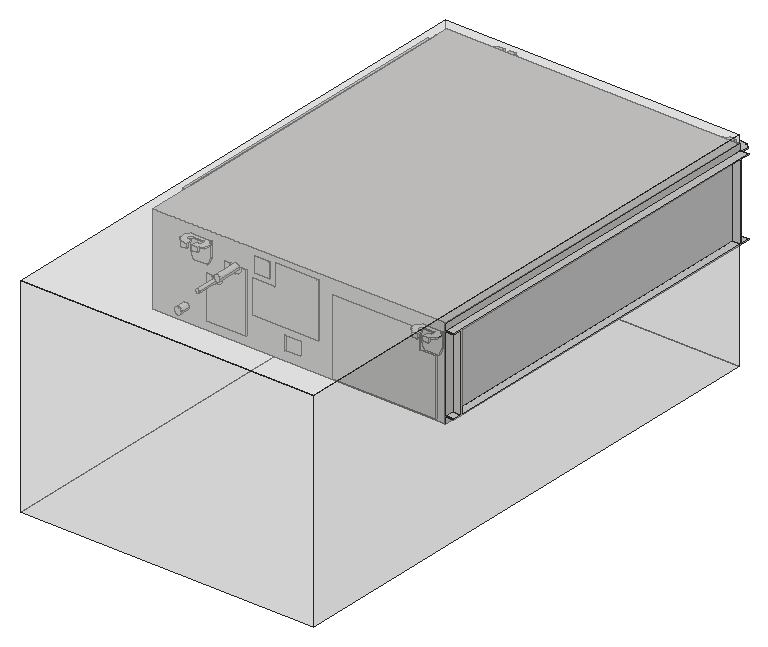
Revit family "outputfile", category 機械設備, Revit 2024
Family settings
  丸型コネクタ寸法 = 半径を使用
  パーツ タイプ = 標準
  OmniClass 番号 = 23.75.10.24.21.27.27
  OmniClass タイトル = Split System Air Conditioning Units
  作業面ベース = いいえ
  常に垂直 = はい
  ロード時にボイドで切り取り = いいえ
  注釈の向きを維持 = いいえ
  共有 = いいえ
  部屋計算ポイント = はい
Parameters (values of type "FBFC85DVM4")
  Description = ""
  製造元 = "Daikin"
  書き出し IFC クラス(タイプ) = "IfcUnitaryEquipmentType"
  定義済み IFC タイプ(タイプ) = "AIRCONDITIONINGUNIT"
  Cost = 0
  モデル = "FBFC85DVM4"
  Type Comments = ""
  Keynote = ""
  Type Image = (empty or 0)
  Assembly Code = ""
  switch_frequency = yes
  r_Liquid Pipe Size = Liquid Pipe Size / 2  # 4.75 mm
  r_Gas Pipe Size = Gas Pipe Size / 2  # 7.95 mm
  r_Drain Pipe Size = Drain Pipe Size / 2  # 9.0 mm
  lw_power = 770.0 mm  # constant formula
  lh_SA = 138.0 mm  # constant formula
  lw_SA = if(Depth = 550.0 mm, 225.0 mm, if(Depth = 700.0 mm, 300.0 mm, if(Depth = 1000.0 mm, 450.0 mm, if(Depth = 1400.0 mm, 650.0 mm, 725.0 mm))))  # 450.0 mm
  lw_RA = if(Depth = 550.0 mm, 275.0 mm, if(Depth = 700.0 mm, 349.0 mm, if(Depth = 1000.0 mm, 499.0 mm, if(Depth = 1400.0 mm, 699.0 mm, 775.0 mm))))  # 499.0 mm
  lh_power = 60.0 mm + [h***]  # 60.0 mm
  lh_mountinghole1 = lh_mountinghole + [h***]  # 222.0 mm
  lh_RA = 123.0 mm  # constant formula
  ld_power = Depth / 2  # 500.0 mm
  connector_voltage = Voltage_50Hz  # 230 V
  connector_powerinput = [Power Input (Cooling)]  # 0.000 kW
  connector_phase = Phase_50Hz  # 1
  Voltage_comment_50Hz = "220 - 240"
  Voltage_50Hz = 230 V
  URL = ""
  Supply Air Direction [instance] = yes
  Sound Power Level_H speed (dB) = 0
  Phase_50Hz = 1
  Minimum External Static Pressure = 40.00 Pa
  Minimum Circuit Amps_50Hz = 0.0 A
  Maximum Fuse Amps_50Hz = 0.0 A
  Maximum External Static Pressure = 140.00 Pa
  Material_Casing = DAIKIN_GalvanizedSteel_Casing_indoorunit
  lw_mountinghole = 630.0 mm  # constant formula
  lh_gaspipe = 183.0 mm + [h***]  # 183.0 mm
  lh_mountinghole = 222.0 mm  # constant formula
  lh_liquidpipe = 136.0 mm + [h***]  # 136.0 mm
  lh_drainpipe = 38.0 mm + [h***]  # 38.0 mm
  lh_antena = Height - lh_mountinghole + 1.0 mm  # 24.0 mm
  ld_drainpipe = Depth / 2 + 26.0 mm  # 526.0 mm
  ld_liquidpipe = Depth / 2 + 69.0 mm  # 569.0 mm
  ld_gaspipe = Depth / 2 + 65.0 mm  # 565.0 mm
  ld_mountinghole = Depth + 38.0 mm  # 1038.0 mm
  h*** = 0.0 mm  # constant formula
  lw_liquidpipe = 179.0 mm  # constant formula
  lw_gaspipe = 229.0 mm  # constant formula
  lw_drainpipe = 91.0 mm  # constant formula
  Width = 800.0 mm
  Version = "ver.1.0"
  Unit Type = "M.S.P. Duct"
  Unit Mass Weight = 36.00 kg
  Unit Designation [instance] = ""
  Uniclass2015Version = "Products v1.30"
  Uniclass2015Title = "Split coil room air conditioning units"
  Uniclass2015Code = "Pr_70_65_03_86"
  Total Cooling Capacity [instance] = 0.000 kW
  Sound Pressure Level_M speed (dBA) = 37
  Sound Pressure Level_L speed (dBA) = 34
  Sound Pressure Level_H speed (dBA) = 39
  Series = "SkyAir_Fan Coil Unit"
  Sensible Cooling Capacity [instance] = 0.000 kW
  SA Duct Size Width = 792.0 mm
  SA Duct Size Height = 176.0 mm
  Refrigerant Type = "R32"
  RA Duct Size Width = 952.0 mm
  RA Duct Size Height = 208.0 mm
  Power Input (Cooling) = 0.000 kW
  Option Accessory 3 [instance] = ""
  Option Accessory 2 [instance] = ""
  Option Accessory 1 [instance] = ""
  Nominal Cooling Capacity = 8.500 kW
  Minimum Airflow = 990.00 m³/h
  Median Airflow = 1200.00 m³/h
  Maximum Airflow = 1500.00 m³/h
  Load Classification = HVAC
  Liquid Pipe Size = 9.5 mm
  Link_Nested Family [instance] = ""
  IfcVersion = ""
  IfcExportType = "AIRCONDITIONINGUNIT"
  IfcExportAs = "IfcUnitaryEquipmentType"
  Height = 245.0 mm
  Heat Exchanger Type = "Cross Fin Coil"
  Gas Pipe Size = 15.9 mm
  Frequency_50Hz = 50 Hz
  Fan Type = "Sirocco Fan"
  Fan Drive = "Direct Drive"
  FCU Tag No. [instance] = ""
  Drain Pipe Size = 18.0 mm
  Design Supply Airflow [instance] = 0.00 m³/h
  Design Return Airflow [instance] = 0.00 m³/h
  Design External Static Pressure [instance] = 0.00 Pa
  Depth = 1000.0 mm
  既定の高さ = 0.0 mm
  Cooling Entering Wet Bulb Temperature [instance] = 0.00 °C
  Cooling Entering Dry Bulb Temperature [instance] = 0.00 °C
  Cooling Ambient Wet Bulb Temperature [instance] = 0.00 °C
  Cooling Ambient Dry Bulb Temperature [instance] = 0.00 °C
  Clearance visibility [instance] = yes
  Clearance Top = 20.0 mm
  Clearance Right = 0.0 mm
  Clearance Rear = 0.0 mm
  Clearance Left = 0.0 mm
  Clearance Front = 450.0 mm
  Clearance Bottom = 300.0 mm
Reference planes
  plane 1 "Center (Front/Back)": y = 0
  plane 2 "h": z = 0
  plane 3 "Center (Left/Right)": x = 0
  plane 4 "Back": y = 500
  plane 5 "Front": y = -500
  plane 6 "Left": x = -400
  plane 7 "Right": x = 400
  plane 8 "Top": z = 0
  plane 9 "Bottom": z = -245
  plane 10: y = -215
  plane 11: y = 500
  plane 12: y = -950
  plane 13: x = -400
  plane 14: x = 400
  plane 15: z = 20
  plane 16: z = -545
  plane 17: x = -400
  plane 18: x = -399
  plane 19: x = 399
  plane 20: y = 50
  plane 21: y = -1
  plane 22: z = -122
  plane 23: y = -501
  plane 24: z = -109
  plane 25: x = -221
  plane 26: y = -565
  plane 27: z = -62
  plane 28: x = -171
  plane 29: y = -526
  plane 30: z = -207
  plane 31: x = -309
  plane 32: x = -309
  plane 33: x = -221
  plane 34: x = -171
  plane 35: x = 370
  plane 36: x = -266
  plane 37: x = 364
  plane 38: y = -519
  plane 39: y = 519
  plane 40: z = -23
  plane 41: z = -107
  plane 42: y = -569
  plane 43: y = -376
  plane 44: x = -251
  plane 45: x = -203
  plane 46: x = -144
  plane 47: z = -59
  plane 48: z = -106
  plane 49: z = -221
  plane 50: z = -109
  plane 51: x = -221
  plane 52: z = -62
  plane 53: x = -171
  plane 54: z = -17
  plane 55: z = -59
  plane 56: x = -121
  plane 57: x = -79
  plane 58: x = -125
  plane 59: x = -64
  plane 60: x = 53
  plane 61: z = -164
  plane 62: z = -73
  plane 63: z = -16
  plane 64: x = 93.5
  plane 65: x = 374.5
  plane 66: x = 330
  plane 67: z = -88.5
  plane 68: z = -38
  plane 69: z = -242.5
  plane 70: x = -38.5
  plane 71: x = 6.5
  plane 72: z = -181
  plane 73: z = -221
  plane 74: y = -499
  plane 75: x = -424
  plane 76: x = 424
Forms (mm)
  Extrusion 1, solid, material "DAIKIN_GalvanizedSteel_Casing_indoorunit" <- "Material_Casing"
    sketch origin (0, 0, 0) x (1, 0, 0) y (0, 1, 0)
      loop
        line (-399, 500) -> (-399, -500) -> (399, -500) -> (399, 500) -> (-399, 500)
    from -245 to 0
  Extrusion 2, solid, material "DAIKIN_GalvanizedSteel_Casing_indoorunit" <- "Material_Casing"
    sketch origin (0, 0, 0) x (1, 0, 0) y (0, 0, 1)
      loop
        line (-251, -221) -> (-144, -221) -> (-144, -59) -> (-154.47, -59)
        arc (-154.47, -59) -> (-171, -78.8) -> (-187.53, -59) r 16.8
        line (-187.53, -59) -> (-203, -59) -> (-203, -106) -> (-206.916, -106)
        arc (-206.916, -106) -> (-221, -123.4) -> (-235.084, -106) r 14.4
        line (-235.084, -106) -> (-251, -106) -> (-251, -221)
    from 500 to 501
  Extrusion 3, solid, material "DAIKIN_GalvanizedSteel_Casing_indoorunit" <- "Material_Casing"
    sketch origin (0, 0, 0) x (1, 0, 0) y (0, 0, 1)
      loop
        line (-121, -17) -> (-121, -59) -> (-79, -59) -> (-79, -17) -> (-121, -17)
      loop
        line (-125, -73) -> (-125, -164) -> (53, -164) -> (53, -16) -> (-64, -16) -> (-64, -73) -> (-125, -73)
    from 500 to 501
  Extrusion 4, solid, material "DAIKIN_GalvanizedSteel_Casing_indoorunit" <- "Material_Casing"
    sketch origin (0, 0, 0) x (1, 0, 0) y (0, 0, 1)
      loop
        line (93.5, -38) -> (93.5, -242.5) -> (374.5, -242.5) -> (374.5, -88.5) -> (330, -88.5) -> (330, -38) -> (93.5, -38)
    from 500 to 501
  Extrusion 5, solid, material "DAIKIN_GalvanizedSteel_Casing_indoorunit" <- "Material_Casing"
    sketch origin (0, 0, 0) x (1, 0, 0) y (0, 0, 1)
      loop
        circle (-221, -109) r 4.75
    from 500 to 569
  Extrusion 6, solid, material "DAIKIN_GalvanizedSteel_Casing_indoorunit" <- "Material_Casing"
    sketch origin (0, 0, 0) x (1, 0, 0) y (0, 0, 1)
      loop
        circle (-171, -62) r 7.95
    from 500 to 565
  Extrusion 7, solid, material "DAIKIN_GalvanizedSteel_Casing_indoorunit" <- "Material_Casing"
    sketch origin (0, 0, 0) x (1, 0, 0) y (0, 0, 1)
      loop
        circle (-309, -207) r 9
    from 500 to 526
  Extrusion 8, void
    sketch origin (0, 0, 0) x (1, 0, 0) y (0, 0, 1)
      loop
        line (-38.5, -181) -> (-38.5, -221) -> (6.5, -221) -> (6.5, -181) -> (-38.5, -181)
    from 499 to 500
Cuts and joins
  Extrusion 8 cuts Extrusion 1
Dimensions and locks
  "Height": plane 8 "Top" to plane 9 "Bottom"
  equal spacing: plane 4 "Back", plane 1 "Center (Front/Back)", plane 5 "Front"
  "Depth": plane 4 "Back" to plane 5 "Front"
  equal spacing: plane 6 "Left", plane 3 "Center (Left/Right)", plane 7 "Right"
  "Width": plane 6 "Left" to plane 7 "Right"
  "Clearance Left": plane 13 to plane 6 "Left"
  "Clearance Right": plane 7 "Right" to plane 14
  "Clearance Rear": plane 11 to plane 4 "Back"
  "Clearance Front": plane 5 "Front" to plane 12
  "Clearance Top": plane 15 to plane 8 "Top"
  "Clearance Bottom": plane 9 "Bottom" to plane 16
  locked: plane 17 to plane 18 at 1
  locked: plane 19 to plane 14 at 1
  "lw_SA": plane 11 to plane 20
  "lw_RA": plane 21 to plane 5 "Front"
  "lh_RA": plane 22 to plane 9 "Bottom"
  locked: plane 5 "Front" to plane 23 at 1
  "lw_liquidpipe": plane 25 to plane 6 "Left"
  "lh_liquidpipe": plane 24 to plane 9 "Bottom"
  "lh_gaspipe": plane 27 to plane 9 "Bottom"
  "lw_gaspipe": plane 28 to plane 6 "Left"
  "ld_gaspipe": plane 26 to plane 1 "Center (Front/Back)"
  "ld_drainpipe": plane 29 to plane 1 "Center (Front/Back)"
  "lh_drainpipe": plane 30 to plane 9 "Bottom"
  "lw_drainpipe": plane 31 to plane 6 "Left"
  "lw_drainpipe": plane 6 "Left" to plane 32
  "lw_liquidpipe": plane 6 "Left" to plane 33
  "lw_gaspipe": plane 6 "Left" to plane 34
  "lw_power": plane 6 "Left" to plane 35
  locked: plane 17 to plane 36 at 134
  "lw_mountinghole": plane 36 to plane 37
  equal spacing: plane 38, plane 1 "Center (Front/Back)", plane 39
  "ld_mountinghole": plane 39 to plane 38
  "lh_mountinghole": plane 40 to plane 9 "Bottom"
  "lh_SA": plane 41 to plane 9 "Bottom"
  plane 46 to plane 45 to plane 44 to plane 6 "Left" = 59.0 mm, 48.0 mm, 149.0 mm
  plane 8 "Top" to plane 47 to plane 48 to plane 49 = 59.0 mm locked, 47.0 mm locked, 115.0 mm locked
  plane 53 to plane 51 to plane 6 "Left" = 50.0 mm locked, 179.0 mm locked
  plane 52 to plane 50 to plane 9 "Bottom" = 47.0 mm locked, 136.0 mm locked
  plane 57 to plane 56 to plane 6 "Left" = 42.0 mm locked, 279.0 mm locked
  plane 8 "Top" to plane 54 to plane 55 = 17.0 mm locked, 42.0 mm locked
  plane 60 to plane 59 to plane 58 to plane 6 "Left" = 117.0 mm, 61.0 mm, 275.0 mm
  plane 8 "Top" to plane 63 to plane 62 = 16.0 mm locked, 57.0 mm locked
  locked: plane 63 to plane 61 at 148
  plane 8 "Top" to plane 68 to plane 67 to plane 69 = 38.0 mm locked, 50.5 mm locked, 154.0 mm locked
  plane 65 to plane 66 to plane 64 to plane 6 "Left" = 44.5 mm locked, 236.5 mm locked, 493.5 mm locked
  plane 8 "Top" to plane 72 to plane 73 = 181.0 mm locked, 40.0 mm locked
  plane 71 to plane 70 to plane 6 "Left" = 45.0 mm, 361.5 mm
  locked: plane 74 to plane 5 "Front" at 1
  locked: plane 75 to plane 17 at 24
  locked: plane 14 to plane 76 at 24
  "ld_liquidpipe": plane 42 to plane 1 "Center (Front/Back)"
  "r_Liquid Pipe Size": radius of Extrusion 5 sketch curve
  "r_Gas Pipe Size": radius of Extrusion 6 sketch curve
  "r_Drain Pipe Size": radius of Extrusion 7 sketch curve
  aligned and locked: level to plane 2 "h"
  aligned and locked: plane 8 "Top" to Extrusion 1
  aligned and locked: Extrusion 1 to plane 9 "Bottom"
  aligned and locked: nested 5 to plane 12
  aligned and locked: plane 13 to nested 5
  aligned and locked: plane 14 to nested 5
  aligned and locked: nested 5 to plane 13
  aligned and locked: plane 11 to nested 5
  aligned and locked: plane 15 to nested 5
  aligned and locked: plane 16 to nested 5
  aligned and locked: plane 5 "Front" to Extrusion 1 sketch curve
  aligned and locked: Extrusion 1 to plane 18
  aligned and locked: plane 19 to Extrusion 1
  aligned and locked: nested 7 to plane 18
  aligned and locked: nested 7 to plane 20
  aligned and locked: plane 19 to nested 8
  aligned and locked: plane 21 to nested 8
  aligned and locked: plane 22 to nested 8
  aligned and locked: Extrusion 2 to plane 23
  aligned and locked: plane 5 "Front" to Extrusion 2
  aligned and locked: Extrusion 3 to plane 23
  aligned and locked: plane 5 "Front" to Extrusion 3
  aligned and locked: plane 5 "Front" to Extrusion 4
  aligned and locked: Extrusion 5 sketch curve to plane 25
  aligned and locked: plane 24 to Extrusion 5 sketch curve
  aligned and locked: plane 5 "Front" to Extrusion 5
  aligned and locked: Extrusion 6 sketch curve to plane 28
  aligned and locked: plane 27 to Extrusion 6 sketch curve
  aligned and locked: plane 5 "Front" to Extrusion 6
  aligned and locked: Extrusion 7 sketch curve to plane 31
  aligned and locked: plane 30 to Extrusion 7 sketch curve
  aligned and locked: Extrusion 7 to plane 29
  aligned and locked: nested 3 to plane 29
  aligned and locked: plane 32 to nested 3
  aligned and locked: nested 2 to plane 33
  aligned and locked: nested 1 to plane 34
  aligned and locked: Extrusion 6 to plane 26
  aligned and locked: nested 1 to plane 26
  aligned and locked: nested 6 to plane 5 "Front"
  aligned and locked: nested 6 to plane 35
  aligned and locked: plane 36 to nested 10
  aligned and locked: nested 10 to plane 5 "Front"
  aligned and locked: plane 37 to nested 9
  aligned and locked: nested 9 to plane 5 "Front"
  aligned and locked: nested 11 to plane 36
  aligned and locked: plane 4 "Back" to nested 11
  aligned and locked: nested 12 to plane 37
  aligned and locked: plane 4 "Back" to nested 12
  aligned and locked: plane 40 to nested 10
  aligned and locked: plane 40 to nested 11
  aligned and locked: plane 40 to nested 9
  aligned and locked: plane 40 to nested 12
  aligned and locked: plane 36 to nested 14
  aligned and locked: nested 14 to plane 39
  aligned and locked: plane 37 to nested 13
  aligned and locked: nested 13 to plane 39
  aligned and locked: plane 37 to nested 16
  aligned and locked: plane 38 to nested 16
  aligned and locked: plane 38 to nested 15
  aligned and locked: plane 36 to nested 15
  aligned and locked: plane 17 to plane 6 "Left"
  aligned and locked: plane 41 to nested 7
  aligned and locked: Extrusion 5 to plane 42
  aligned and locked: nested 2 to plane 42
  aligned and locked: Extrusion 3 sketch curve to plane 54
  aligned and locked: Extrusion 3 sketch curve to plane 56
  aligned and locked: plane 55 to Extrusion 3 sketch curve
  aligned and locked: plane 57 to Extrusion 3 sketch curve
  aligned and locked: Extrusion 4 to plane 23
  aligned and locked: Extrusion 8 sketch curve to plane 72
  aligned and locked: plane 73 to Extrusion 8 sketch curve
  aligned and locked: plane 71 to Extrusion 8 sketch curve
  aligned and locked: plane 5 "Front" to Extrusion 8
  aligned and locked: plane 74 to Extrusion 8
  aligned and locked: nested 17 to plane 20
  aligned and locked: nested 17 to plane 75
  aligned and locked: plane 21 to nested 18
  aligned and locked: plane 76 to nested 18
  aligned and locked: plane 41 to nested 17
  aligned and locked: nested 18 to plane 22
  aligned and locked: nested 4 to plane 3 "Center (Left/Right)"
  aligned and locked: plane 1 "Center (Front/Back)" to nested 4
  aligned and locked: level to plane 8 "Top"
  aligned and locked: plane 5 "Front" to Extrusion 7
Automatic sketch dimensions
  plane 6 "Left" to Extrusion 1 sketch curve = 1.0 mm
  Extrusion 1 sketch curve to plane 7 "Right" = 1.0 mm
  Extrusion 1 sketch curve to plane 4 "Back" = 0.0 mm
  Extrusion 2 sketch curve to plane 44 = 0.0 mm
  Extrusion 2 sketch curve to plane 33 = 0.0 mm
  Extrusion 2 sketch curve to plane 45 = 0.0 mm
  Extrusion 2 sketch curve to plane 34 = 0.0 mm
  Extrusion 2 sketch curve to plane 46 = 0.0 mm
  Extrusion 2 sketch curve to plane 49 = 0.0 mm
  Extrusion 2 sketch curve to plane 50 = 0.0 mm
  Extrusion 2 sketch curve to plane 48 = 0.0 mm  (x3)
  Extrusion 2 sketch curve to plane 52 = 0.0 mm
  Extrusion 2 sketch curve to plane 47 = 0.0 mm  (x3)
  plane 33 to Extrusion 2 sketch curve = 14.084 mm
  plane 34 to Extrusion 2 sketch curve = 16.53 mm
  Extrusion 3 sketch curve to plane 58 = 0.0 mm
  Extrusion 3 sketch curve to plane 59 = 0.0 mm
  Extrusion 3 sketch curve to plane 60 = 0.0 mm
  Extrusion 3 sketch curve to plane 61 = 0.0 mm
  Extrusion 3 sketch curve to plane 62 = 0.0 mm
  Extrusion 3 sketch curve to plane 63 = 0.0 mm
  Extrusion 4 sketch curve to plane 64 = 0.0 mm
  Extrusion 4 sketch curve to plane 66 = 0.0 mm
  Extrusion 4 sketch curve to plane 65 = 0.0 mm
  Extrusion 4 sketch curve to plane 69 = 0.0 mm
  Extrusion 4 sketch curve to plane 67 = 0.0 mm
  Extrusion 4 sketch curve to plane 68 = 0.0 mm
  Extrusion 8 sketch curve to plane 70 = 0.0 mm
Nested families
  nested 1: "daikin_connector_rotate2" at (-171, 0, -62), length <- "ld_gaspipe", built-in parameter 1001364 <- "lh_gaspipe", radius <- "r_Gas Pipe Size", type "daikin_connector_rotate2"
    with radius 7.95 mm, length 565.0 mm, angle_vertical 90.00°
  nested 2: "daikin_connector_rotate2" at (-221, 0, -109), length <- "ld_liquidpipe", built-in parameter 1001364 <- "lh_liquidpipe", radius <- "r_Liquid Pipe Size", type "daikin_connector_rotate2"
    with radius 4.75 mm, length 569.0 mm, angle_vertical 90.00°
  nested 3: "daikin_connector_rotate2" at (-309, 0, -207), length <- "ld_drainpipe", built-in parameter 1001364 <- "lh_drainpipe", radius <- "r_Drain Pipe Size", type "daikin_connector_rotate2"
    with radius 9.0 mm, length 526.0 mm, angle_vertical 90.00°
  nested 4: "daikin_△_symbolicline" at (0, 0, 245) x (0, -1, 0) z (0, 0, 1), built-in parameter 1001364 <- "Height", visible <- "Supply Air Direction", type "daikin_△_symbolicline"
    with length 200.0 mm
  nested 5: "daikin_clearancespace" at (0, -225, -262.381), visible <- "Clearance visibility", show <- "Clearance visibility", Link_Nested Family <- "Link_Nested Family", type "daikin_clearancespace"
    with width 800.0 mm, show yes, height 565.0 mm, depth 1450.0 mm, Link_Nested Family ""
  nested 6: "daikin_connector_rotate2" at (370, 0, -185), built-in parameter 1001364 <- "lh_power", length <- "ld_power", type "daikin_connector_rotate2"
    with radius 10.0 mm, length 500.0 mm, angle_vertical 90.00°
  nested 7: "daikin_ductflange_FBFC-DVM42" at (-399, 50, -107) x (0, -1, 0) z (0, 0, 1), type "daikin_ductflange_FBFC-DVM42"
    with width 792.0 mm, w 1000.0 mm
  nested 8: "daikin_ductflange_FBFC-DVM4" at (399, -1, -122) x (0, 1, 0) z (0, 0, 1), type "daikin_ductflange_FBFC-DVM4"
    with width 952.0 mm, lw 25.0 mm, w 1000.0 mm
  nested 9: "daikin_hangerfixture_FBFC-DVM4" at (364, -500, -23), type "daikin_hangerfixture_FBFC-DVM4"
  nested 10: "daikin_hangerfixture_FBFC-DVM4" at (-266, -500, -23), type "daikin_hangerfixture_FBFC-DVM4"
  nested 11: "daikin_hangerfixture_FBFC-DVM4" at (-266, 500, -23) x (-1, 0, 0) z (0, 0, 1), type "daikin_hangerfixture_FBFC-DVM4"
  nested 12: "daikin_hangerfixture_FBFC-DVM4" at (364, 500, -23) x (-1, 0, 0) z (0, 0, 1), type "daikin_hangerfixture_FBFC-DVM4"
  nested 13: "daikin_mountinghole" at (364, 519, -245), h_mountinghole <- "lh_mountinghole1", l_antenna <- "lh_antena", Link_Nested Family <- "Link_Nested Family", type "daikin_mountinghole"
    with show yes, l_antenna 24.0 mm, h_mountinghole 222.0 mm, Link_Nested Family ""
  nested 14: "daikin_mountinghole" at (-266, 519, -245), h_mountinghole <- "lh_mountinghole1", l_antenna <- "lh_antena", Link_Nested Family <- "Link_Nested Family", type "daikin_mountinghole"
    with show yes, l_antenna 24.0 mm, h_mountinghole 222.0 mm, Link_Nested Family ""
  nested 15: "daikin_mountinghole" at (-266, -519, -245), h_mountinghole <- "lh_mountinghole1", l_antenna <- "lh_antena", Link_Nested Family <- "Link_Nested Family", type "daikin_mountinghole"
    with show yes, l_antenna 24.0 mm, h_mountinghole 222.0 mm, Link_Nested Family ""
  nested 16: "daikin_mountinghole" at (364, -519, -245), h_mountinghole <- "lh_mountinghole1", l_antenna <- "lh_antena", Link_Nested Family <- "Link_Nested Family", type "daikin_mountinghole"
    with show yes, l_antenna 24.0 mm, h_mountinghole 222.0 mm, Link_Nested Family ""
  nested 17: "daikin_connector_rotate2" at (-400, 50, -107) x (0, -1, 0) z (0, 0, 1), type "daikin_connector_rotate2"
    with radius 10.0 mm, length 24.0 mm, angle_vertical 90.00°
  nested 18: "daikin_connector_rotate2" at (400, -1, -122) x (0, 1, 0) z (0, 0, 1), type "daikin_connector_rotate2"
    with radius 10.0 mm, length 24.0 mm, angle_vertical 90.00°
Connectors
  piping at (-309, -526, -207), diameter 18, driven by "r_Drain Pipe Size"
    settings: on nested 3, index 3, connector inside diameter 609.6 mm, connector length 0.0 mm, flow factor 0, pipe flow 0.00 m³/h, pressure drop 0.0 Pa, fitting loss kfactor 0, connector angle 0.00°, fixture units 0, engagement length 0.0 mm, angle of deflection 0.00°, flow configuration 1, flow direction 2, fitting loss method 4, system type 16, joint type 0, gender type 0, connector reference index -1, connector utility 0, adjustable connector no, is connector primary yes, connector description "Condensate Drain Piping"
  piping at (-171, -565, -62), diameter 15.9, driven by "r_Gas Pipe Size"
    settings: on nested 1, index 4, connector inside diameter 609.6 mm, connector length 0.0 mm, flow factor 0, pipe flow 0.00 m³/h, pressure drop 0.0 Pa, fitting loss kfactor 0, connector angle 0.00°, fixture units 0, engagement length 0.0 mm, angle of deflection 0.00°, flow configuration 1, flow direction 2, fitting loss method 0, system type 29, joint type 0, gender type 0, connector reference index -1, connector utility 0, adjustable connector no, is connector primary no, connector description "Refrigerant Gas Piping"
  piping at (-221, -569, -109), diameter 9.5, driven by "r_Liquid Pipe Size"
    settings: on nested 2, index 5, connector inside diameter 609.6 mm, connector length 0.0 mm, flow factor 0, pipe flow 0.00 m³/h, pressure drop 0.0 Pa, fitting loss kfactor 0, connector angle 0.00°, fixture units 0, engagement length 0.0 mm, angle of deflection 0.00°, flow configuration 1, flow direction 1, fitting loss method 0, system type 29, joint type 0, gender type 0, connector reference index -1, connector utility 0, adjustable connector no, is connector primary no, connector description "Refrigerant Liquid Piping"
  electrical at (370, -500, -185), driven by "Load Classification", driven by "connector_powerinput", driven by "connector_voltage", driven by "connector_phase"
    settings: on nested 6, index 6, voltage 230 V, apparent load 0 VA, apparent load phase1 0 VA, apparent load phase2 0 VA, apparent load phase3 0 VA, power factor 1, load classification "HVAC", number of poles 1, system type 30, power factor state 1, is connector primary yes, connector utility no, sub classification motor no, connector description "Power Supply"
  hvac at (-424, 50, -107), driven by "SA Duct Size Height", driven by "SA Duct Size Width"
    settings: on nested 17, index 7, duct flow 0.00 m³/h, flow factor 0, pres drop 0.00 Pa, loss coef 0, conn angle 0.00°, conn width 792.0 mm, conn height 176.0 mm, conn diameter 609.6 mm, duct sys type 1, conn prof type 1, flow config 0, flow direction 2, loss method 4, conn ref index -1, conn util no, is conn primary yes, conn desc "SA Duct"
  hvac at (424, -1, -122), driven by "RA Duct Size Height", driven by "RA Duct Size Width"
    settings: on nested 18, index 8, duct flow 0.00 m³/h, flow factor 0, pres drop 0.00 Pa, loss coef 0, conn angle 0.00°, conn width 952.0 mm, conn height 208.0 mm, conn diameter 609.6 mm, duct sys type 2, conn prof type 1, flow config 0, flow direction 1, loss method 4, conn ref index -1, conn util no, is conn primary no, conn desc "RA Duct"
Definition of nested family "daikin_clearancespace"
  Parameters (values of type "daikin_clearancespace")
    Description = "daikin_clearancespace"
    width [instance] = 1823.963 mm
    show [instance] = yes
    material = none
    height [instance] = 1359.762 mm
    depth [instance] = 880.0 mm
    Default Elevation = 0.0 mm
    Link_Nested Family [instance] = ""
  Reference planes
    plane 1 "Center (Front/Back)": y = 0
    plane 2 "Center (Elevation)": z = -0.119
    plane 3 "Center (Left/Right)": x = 0
    plane 4: y = 440
    plane 5: y = -440
    plane 6 "Right": x = 911.982
    plane 7 "Left": x = -911.982
    plane 8 "Top": z = 679.762
    plane 9 "Bottom": z = -680
  Forms (mm)
    Extrusion 1, solid, material <- "material", visible <- "show"
      sketch origin (0, 0, 0) x (1, 0, 0) y (0, 1, 0)
        loop
          line (-911.982, 440) -> (-911.982, -440) -> (911.982, -440) -> (911.982, 440) -> (-911.982, 440)
      from -680 to 679.762
  Lines and regions (mm)
    symbolic lines, visible <- "show"
      curve 1: line (911.982, 440, 0) -> (-911.982, 440, 0)
      curve 2: line (-911.982, 440, 0) -> (-911.982, -440, 0)
      curve 3: line (-911.982, -440, 0) -> (911.982, -440, 0)
      curve 4: line (911.982, -440, 0) -> (911.982, 440, 0)
      curve 5: line (911.982, 0, 679.762) -> (-911.982, 0, 679.762)
      curve 6: line (911.982, 0, -680) -> (911.982, 0, 679.762)
      curve 7: line (-911.982, 0, -680) -> (911.982, 0, -680)
      curve 8: line (-911.982, 0, 679.762) -> (-911.982, 0, -680)
      curve 9: line (0, 440, 679.762) -> (0, -440, 679.762)
      curve 10: line (0, -440, 679.762) -> (0, -440, -680)
      curve 11: line (0, 440, -680) -> (0, 440, 679.762)
      curve 12: line (0, -440, -680) -> (0, 440, -680)
  Dimensions and locks
    "width": plane 7 "Left" to plane 6 "Right"
    "depth": plane 4 to plane 5
    "height": plane 8 "Top" to plane 9 "Bottom"
    equal spacing: plane 7 "Left", plane 3 "Center (Left/Right)", plane 6 "Right"
    equal spacing: plane 4, plane 1 "Center (Front/Back)", plane 5
    equal spacing: plane 8 "Top", plane 2 "Center (Elevation)", plane 9 "Bottom"
    aligned and locked: level to plane 2 "Center (Elevation)"
    aligned and locked: Extrusion 1 sketch curve to plane 4
    aligned and locked: plane 7 "Left" to Extrusion 1 sketch curve
    aligned and locked: Extrusion 1 sketch curve to plane 5
    aligned and locked: Extrusion 1 sketch curve to plane 6 "Right"
    aligned and locked: plane 8 "Top" to Extrusion 1
    aligned and locked: curve 1 to Extrusion 1
    aligned and locked: curve 2 to Extrusion 1
    aligned and locked: curve 3 to Extrusion 1
    aligned and locked: curve 4 to Extrusion 1
    aligned and locked: curve 5 to Extrusion 1
    aligned and locked: curve 6 to Extrusion 1
    aligned and locked: curve 7 to Extrusion 1
    aligned and locked: curve 8 to Extrusion 1
    aligned and locked: curve 9 to Extrusion 1
    aligned and locked: curve 10 to Extrusion 1
    aligned and locked: curve 11 to Extrusion 1
    aligned and locked: curve 12 to Extrusion 1
    aligned and locked: Extrusion 1 to plane 9 "Bottom"
Definition of nested family "daikin_ductflange_FBFC-DVM42"
  Parameters (values of type "daikin_ductflange_FBFC-DVMG2")
    width = if(w = 550.0 mm, 337.0 mm, if(w = 700.0 mm, 492.0 mm, if(w = 1000.0 mm, 792.0 mm, if(w = 1400.0 mm, 1192.0 mm, 1337.0 mm))))  # 1192.0 mm
    material = none
    height = 215.0 mm
    depth = 1.0 mm
    w = 1400.0 mm
    Default Elevation = 0.0 mm
  Reference planes
    plane 1 "Center (Front/Back)": y = 0
    plane 2: z = 0
    plane 3 "Center (Left/Right)": x = 0
    plane 4: z = 88
    plane 5: z = -88
    plane 6: y = -25
    plane 7: z = 106
    plane 8: z = 89
    plane 9: y = -1
    plane 10: x = -617.5
    plane 11: x = 617.5
    plane 12: z = -106
    plane 13: z = -89
    plane 14: y = -1
    plane 15: x = 596
    plane 16: x = -596
    plane 17: x = 597
    plane 18: z = 87
    plane 19: z = -87
    plane 20: x = -597
    plane 21: z = 87
    plane 22: z = -87
    plane 23: y = -1
  Forms (mm)
    Extrusion 1, solid, material <- "material"
      sketch origin (0, 0, 0) x (0, 1, 0) y (0, 0, 1)
        loop
          line (-25, 88) -> (0, 88) -> (0, 106) -> (-1, 106) -> (-1, 89) -> (-25, 89) -> (-25, 88)
      from -617.5 to 617.5
    Extrusion 2, solid, material <- "material"
      sketch origin (0, 0, 0) x (0, 1, 0) y (0, 0, 1)
        loop
          line (-25, -88) -> (-25, -89) -> (-1, -89) -> (-1, -106) -> (0, -106) -> (0, -88) -> (-25, -88)
      from -617.5 to 617.5
    Extrusion 3, solid, material <- "material"
      sketch origin (0, 0, 0) x (1, 0, 0) y (0, 0, 1)
        loop
          line (596, 88) -> (596, -88) -> (617.5, -88) -> (617.5, -87) -> (597, -87) -> (597, 87) -> (617.5, 87) -> (617.5, 88) -> (596, 88)
      from 0 to 25
    Extrusion 4, solid, material <- "material"
      sketch origin (0, 0, 0) x (1, 0, 0) y (0, 0, 1)
        loop
          line (-617.5, 88) -> (-617.5, 87) -> (-597, 87) -> (-597, -87) -> (-617.5, -87) -> (-617.5, -88) -> (-596, -88) -> (-596, 88) -> (-617.5, 88)
      from 0 to 25
    Extrusion 5, solid, material <- "material"
      sketch origin (0, 0, 0) x (1, 0, 0) y (0, 0, 1)
        loop
          line (-617.5, 88) -> (-617.5, -88) -> (-596, -88) -> (-596, 88) -> (-617.5, 88)
        loop
          line (617.5, 88) -> (596, 88) -> (596, -88) -> (617.5, -88) -> (617.5, 88)
      from 0 to 1
  Cuts and joins
    joined: Extrusion 1, Extrusion 2, Extrusion 3, Extrusion 4, Extrusion 5
  Dimensions and locks
    plane 4 to level to plane 5 = 88.0 mm, 88.0 mm
    locked: plane 6 to plane 1 "Center (Front/Back)" at 25
    locked: plane 9 to plane 1 "Center (Front/Back)" at 1
    locked: plane 8 to plane 4 at 1
    locked: plane 16 to plane 10 at 21.5
    locked: plane 17 to plane 15 at 1
    locked: plane 4 to plane 18 at 1
    locked: plane 19 to plane 5 at 1
    "width": plane 15 to plane 16
    plane 4 to plane 5 = 176.0 mm
    locked: plane 16 to plane 20 at 1
    locked: plane 4 to plane 21 at 1
    locked: plane 22 to plane 5 at 1
    locked: plane 23 to plane 1 "Center (Front/Back)" at 1
    plane 4 to level to plane 5 = 88.0 mm locked, 88.0 mm locked
    locked: plane 5 to plane 13 at 1
    locked: plane 5 to plane 12 at 18
    locked: plane 7 to plane 4 at 18
    equal spacing: plane 15, plane 3 "Center (Left/Right)", plane 16
    locked: plane 11 to plane 15 at 21.5
    plane 11 to plane 10 = 1235.0 mm
    aligned and locked: level to plane 2
    aligned and locked: Extrusion 1 to plane 10
    aligned and locked: plane 11 to Extrusion 1
    aligned and locked: plane 5 to Extrusion 2
    aligned and locked: Extrusion 2 to plane 1 "Center (Front/Back)"
    aligned and locked: plane 15 to Extrusion 3 sketch curve
    aligned and locked: Extrusion 3 sketch curve to Extrusion 2  (x2)
    aligned and locked: Extrusion 3 sketch curve to plane 11
    aligned and locked: plane 6 to Extrusion 3
    aligned and locked: Extrusion 2 to plane 10
    aligned and locked: plane 11 to Extrusion 2
    aligned and locked: Extrusion 4 sketch curve to Extrusion 1  (x2)
    aligned and locked: plane 5 to Extrusion 4 sketch curve
    aligned and locked: Extrusion 4 sketch curve to plane 16
    aligned and locked: Extrusion 4 sketch curve to plane 22
    aligned and locked: plane 20 to Extrusion 4 sketch curve
    aligned and locked: plane 21 to Extrusion 4 sketch curve
    aligned and locked: Extrusion 4 to plane 1 "Center (Front/Back)"
    aligned and locked: plane 6 to Extrusion 4
    aligned and locked: Extrusion 5 sketch curve to Extrusion 1  (x4)
    aligned and locked: Extrusion 5 sketch curve to Extrusion 4  (x2)
    aligned and locked: Extrusion 5 sketch curve to Extrusion 3  (x2)
    aligned and locked: Extrusion 5 to plane 1 "Center (Front/Back)"
    aligned and locked: plane 23 to Extrusion 5
  Automatic sketch dimensions
    Extrusion 1 sketch curve to plane 6 = 0.0 mm
    Extrusion 1 sketch curve to plane 7 = 0.0 mm
    Extrusion 1 sketch curve to plane 9 = 0.0 mm
    Extrusion 1 sketch curve to plane 1 "Center (Front/Back)" = 0.0 mm
    Extrusion 1 sketch curve to plane 4 = 0.0 mm
    Extrusion 1 sketch curve to plane 8 = 0.0 mm
    Extrusion 2 sketch curve to plane 6 = 0.0 mm
    plane 12 to Extrusion 2 sketch curve = 0.0 mm
    Extrusion 2 sketch curve to plane 14 = 0.0 mm
    Extrusion 2 sketch curve to plane 1 "Center (Front/Back)" = 0.0 mm
    plane 13 to Extrusion 2 sketch curve = 0.0 mm
    Extrusion 2 sketch curve to plane 5 = 0.0 mm
    Extrusion 3 sketch curve to plane 17 = 0.0 mm
    Extrusion 3 sketch curve to plane 19 = 0.0 mm
    Extrusion 3 sketch curve to plane 18 = 0.0 mm
    Extrusion 3 sketch curve to plane 4 = 0.0 mm
    Extrusion 4 sketch curve to plane 10 = 0.0 mm
Definition of nested family "daikin_ductflange_FBFC-DVM4"
  Parameters (values of type "daikin_ductflange_FBFC-DVMG")
    width = if(w = 550.0 mm, 502.0 mm, if(w = 700.0 mm, 654.0 mm, if(w = 1000.0 mm, 952.0 mm, if(w = 1400.0 mm, 1352.0 mm, 1502.0 mm))))  # 654.0 mm
    material = none
    lw = if(width = 654.0 mm, 23.0 mm, 25.0 mm)  # 23.0 mm
    height = 208.0 mm
    depth = 1.0 mm
    w = 700.0 mm
    Default Elevation = 0.0 mm
  Reference planes
    plane 1 "Center (Front/Back)": y = 0
    plane 2: z = 0
    plane 3 "Center (Left/Right)": x = 0
    plane 4: z = 104
    plane 5: z = -104
    plane 6: y = -25
    plane 7: z = 121
    plane 8: z = 105
    plane 9: y = -1
    plane 10: x = -350
    plane 11: x = 350
    plane 12: z = -122
    plane 13: z = -105
    plane 14: y = -1
    plane 15: x = 327
    plane 16: x = -327
    plane 17: x = 328
    plane 18: z = 103
    plane 19: z = -103
    plane 20: x = -328
    plane 21: z = 103
    plane 22: z = -103
    plane 23: y = -1
  Forms (mm)
    Extrusion 1, solid, material <- "material"
      sketch origin (0, 0, 0) x (0, 1, 0) y (0, 0, 1)
        loop
          line (-25, 104) -> (0, 104) -> (0, 121) -> (-1, 121) -> (-1, 105) -> (-25, 105) -> (-25, 104)
      from -350 to 350
    Extrusion 2, solid, material <- "material"
      sketch origin (0, 0, 0) x (0, 1, 0) y (0, 0, 1)
        loop
          line (-25, -104) -> (-25, -105) -> (-1, -105) -> (-1, -122) -> (0, -122) -> (0, -104) -> (-25, -104)
      from -350 to 350
    Extrusion 3, solid, material <- "material"
      sketch origin (0, 0, 0) x (1, 0, 0) y (0, 0, 1)
        loop
          line (327, 104) -> (327, -104) -> (350, -104) -> (350, -103) -> (328, -103) -> (328, 103) -> (350, 103) -> (350, 104) -> (327, 104)
      from 0 to 25
    Extrusion 4, solid, material <- "material"
      sketch origin (0, 0, 0) x (1, 0, 0) y (0, 0, 1)
        loop
          line (-350, 104) -> (-350, 103) -> (-328, 103) -> (-328, -103) -> (-350, -103) -> (-350, -104) -> (-327, -104) -> (-327, 104) -> (-350, 104)
      from 0 to 25
    Extrusion 5, solid, material <- "material"
      sketch origin (0, 0, 0) x (1, 0, 0) y (0, 0, 1)
        loop
          line (-350, 104) -> (-350, -104) -> (-327, -104) -> (-327, 104) -> (-350, 104)
        loop
          line (350, 104) -> (327, 104) -> (327, -104) -> (350, -104) -> (350, 104)
      from 0 to 1
  Cuts and joins
    joined: Extrusion 1, Extrusion 2, Extrusion 3, Extrusion 4, Extrusion 5
  Dimensions and locks
    plane 4 to level to plane 5 = 104.0 mm, 104.0 mm
    locked: plane 6 to plane 1 "Center (Front/Back)" at 25
    locked: plane 9 to plane 1 "Center (Front/Back)" at 1
    locked: plane 8 to plane 4 at 1
    "lw": plane 11 to plane 15
    "lw": plane 16 to plane 10
    locked: plane 17 to plane 15 at 1
    locked: plane 4 to plane 18 at 1
    locked: plane 19 to plane 5 at 1
    "width": plane 15 to plane 16
    equal spacing: plane 15, plane 3 "Center (Left/Right)", plane 16
    locked: plane 16 to plane 20 at 1
    locked: plane 4 to plane 21 at 1
    locked: plane 22 to plane 5 at 1
    locked: plane 23 to plane 1 "Center (Front/Back)" at 1
    locked: plane 7 to plane 4 at 17
    locked: plane 1 "Center (Front/Back)" to plane 14 at 1
    locked: plane 5 to plane 13 at 1
    "height": plane 4 to plane 5
    plane 11 to plane 10 = 700.0 mm
    locked: plane 12 to plane 13 at 17
    equal spacing: plane 4, level, plane 5
    aligned and locked: level to plane 2
    aligned and locked: Extrusion 1 to plane 10
    aligned and locked: plane 11 to Extrusion 1
    aligned and locked: plane 5 to Extrusion 2
    aligned and locked: Extrusion 2 to plane 1 "Center (Front/Back)"
    aligned and locked: plane 15 to Extrusion 3 sketch curve
    aligned and locked: Extrusion 3 sketch curve to Extrusion 2  (x2)
    aligned and locked: Extrusion 3 sketch curve to plane 11
    aligned and locked: plane 6 to Extrusion 3
    aligned and locked: Extrusion 2 to plane 10
    aligned and locked: plane 11 to Extrusion 2
    aligned and locked: Extrusion 4 sketch curve to Extrusion 1  (x2)
    aligned and locked: plane 5 to Extrusion 4 sketch curve
    aligned and locked: Extrusion 4 sketch curve to plane 16
    aligned and locked: Extrusion 4 sketch curve to plane 22
    aligned and locked: plane 20 to Extrusion 4 sketch curve
    aligned and locked: plane 21 to Extrusion 4 sketch curve
    aligned and locked: Extrusion 4 to plane 1 "Center (Front/Back)"
    aligned and locked: plane 6 to Extrusion 4
    aligned and locked: Extrusion 5 sketch curve to Extrusion 1  (x4)
    aligned and locked: Extrusion 5 sketch curve to Extrusion 4  (x2)
    aligned and locked: Extrusion 5 sketch curve to Extrusion 3  (x2)
    aligned and locked: Extrusion 5 to plane 1 "Center (Front/Back)"
    aligned and locked: plane 23 to Extrusion 5
  Automatic sketch dimensions
    Extrusion 1 sketch curve to plane 6 = 0.0 mm
    Extrusion 1 sketch curve to plane 7 = 0.0 mm
    Extrusion 1 sketch curve to plane 9 = 0.0 mm
    Extrusion 1 sketch curve to plane 1 "Center (Front/Back)" = 0.0 mm
    Extrusion 1 sketch curve to plane 4 = 0.0 mm
    Extrusion 1 sketch curve to plane 8 = 0.0 mm
    Extrusion 2 sketch curve to plane 6 = 0.0 mm
    plane 12 to Extrusion 2 sketch curve = 0.0 mm
    Extrusion 2 sketch curve to plane 14 = 0.0 mm
    Extrusion 2 sketch curve to plane 1 "Center (Front/Back)" = 0.0 mm
    plane 13 to Extrusion 2 sketch curve = 0.0 mm
    Extrusion 2 sketch curve to plane 5 = 0.0 mm
    Extrusion 3 sketch curve to plane 17 = 0.0 mm
    Extrusion 3 sketch curve to plane 19 = 0.0 mm
    Extrusion 3 sketch curve to plane 18 = 0.0 mm
    Extrusion 3 sketch curve to plane 4 = 0.0 mm
    Extrusion 4 sketch curve to plane 10 = 0.0 mm
Definition of nested family "daikin_hangerfixture_FBFC-DVM4"
  Parameters (values of type "daikin_hangerfixture_FXMQ-PAVE")
    width = 72.0 mm
    material = none
    height = 60.0 mm
    depth = 41.0 mm
    Default Elevation = 0.0 mm
  Reference planes
    plane 1 "Center (Front/Back)": y = 0
    plane 2: z = 0
    plane 3 "Center (Left/Right)": x = 0
    plane 4: y = 417.146
    plane 5: y = -41
    plane 6: x = -36
    plane 7: x = 36
    plane 8: z = -2.3
    plane 9: z = -60
    plane 10: y = -2.3
    plane 11: z = -12
    plane 12: y = -38.7
  Forms (mm)
    Extrusion 1, solid, material <- "material"
      sketch origin (0, 0, 0) x (1, 0, 0) y (0, 1, 0)
        loop
          line (-28, 0) -> (-28, -5)
          arc (-28, -5) -> (-29.127, -8.162) -> (-32, -9.899) r 5
          arc (-32, -9.899) -> (-34.873, -11.636) -> (-36, -14.798) r 5
          line (-36, -14.798) -> (-36, -27.178)
          arc (-36, -27.178) -> (-35.429, -29.499) -> (-33.846, -31.289) r 5
          line (-33.846, -31.289) -> (-23, -38.798) -> (-23, -41.098) -> (-6.5, -41.098) -> (-6.5, -28.498)
          arc (-6.5, -28.498) -> (-7.379, -26.377) -> (-9.5, -25.498) r 3
          line (-9.5, -25.498) -> (-13.5, -25.498)
          arc (-13.5, -25.498) -> (-20, -18.998) -> (-13.5, -12.498) r 6.5
          line (-13.5, -12.498) -> (13.5, -12.498)
          arc (13.5, -12.498) -> (20, -18.998) -> (13.5, -25.498) r 6.5
          line (13.5, -25.498) -> (9.5, -25.498)
          arc (9.5, -25.498) -> (7.379, -26.377) -> (6.5, -28.498) r 3
          line (6.5, -28.498) -> (6.5, -41.098) -> (23, -41.098) -> (23, -38.798) -> (33.846, -31.289)
          arc (33.846, -31.289) -> (35.429, -29.499) -> (36, -27.178) r 5
          line (36, -27.178) -> (36, -14.596)
          arc (36, -14.596) -> (34.873, -11.434) -> (32, -9.697) r 5
          arc (32, -9.697) -> (29.127, -7.96) -> (28, -4.798) r 5
          line (28, -4.798) -> (28, 0) -> (-28, 0)
      from 0 to -2.3
    Extrusion 2, solid, material <- "material"
      sketch origin (0, 0, 0) x (1, 0, 0) y (0, 0, 1)
        loop
          line (28, -39.037) -> (28, 0) -> (-28, 0) -> (-28, -39.037)
          arc (-28, -39.037) -> (-27.91, -39.983) -> (-27.642, -40.894) r 5
          line (-27.642, -40.894) -> (-21.257, -56.857)
          arc (-21.257, -56.857) -> (-19.418, -59.14) -> (-16.615, -60) r 5
          line (-16.615, -60) -> (16.615, -60)
          arc (16.615, -60) -> (19.418, -59.14) -> (21.257, -56.857) r 5
          line (21.257, -56.857) -> (27.642, -40.894)
          arc (27.642, -40.894) -> (27.91, -39.983) -> (28, -39.037) r 5
      from 0 to 2.3
    Extrusion 3, solid, material <- "material"
      sketch origin (0, 0, 0) x (1, 0, 0) y (0, 0, 1)
        loop
          line (-23, 0) -> (-23, -9)
          arc (-23, -9) -> (-22.121, -11.121) -> (-20, -12) r 3
          line (-20, -12) -> (-9.5, -12)
          arc (-9.5, -12) -> (-7.379, -11.121) -> (-6.5, -9) r 3
          line (-6.5, -9) -> (-6.5, 0) -> (-23, 0)
        loop
          line (23, 0) -> (6.5, 0) -> (6.5, -9)
          arc (6.5, -9) -> (7.379, -11.121) -> (9.5, -12) r 3
          line (9.5, -12) -> (20, -12)
          arc (20, -12) -> (22.121, -11.121) -> (23, -9) r 3
          line (23, -9) -> (23, 0)
      from 38.8 to 41.098
  Cuts and joins
    joined: Extrusion 1, Extrusion 2, Extrusion 3
  Dimensions and locks
    plane 2 to plane 8 = 2.3 mm
    "height": plane 2 to plane 9
    locked: plane 10 to plane 1 "Center (Front/Back)" at 2.3
    locked: plane 2 to plane 11 at 12
    locked: plane 12 to plane 5 at 2.3
    aligned and locked: level to plane 2
    aligned and locked: Extrusion 1 to plane 8
    aligned and locked: plane 2 to Extrusion 1
    aligned and locked: plane 2 to Extrusion 2 sketch curve
    aligned and locked: Extrusion 2 to plane 10
    aligned and locked: Extrusion 2 to plane 1 "Center (Front/Back)"
    aligned and locked: Extrusion 3 sketch curve to cut or joined group of Extrusion 1, Extrusion 2, Extrusion 3  (x3)
    aligned and locked: cut or joined group of Extrusion 1, Extrusion 2, Extrusion 3 to Extrusion 3
  Automatic sketch dimensions
    Extrusion 2 sketch curve to plane 7 = 8.0 mm
    Extrusion 2 sketch curve to plane 8 = 36.737 mm
    plane 6 to Extrusion 2 sketch curve = 19.385 mm
    Extrusion 1 sketch curve to plane 6 = 0.0 mm
    plane 1 "Center (Front/Back)" to Extrusion 1 sketch curve = 0.0 mm
    Extrusion 1 sketch curve to plane 7 = 0.0 mm
    plane 6 to Extrusion 1 sketch curve = 2.154 mm
    plane 6 to Extrusion 1 sketch curve = 3.0 mm
    Extrusion 1 sketch curve to Extrusion 1 sketch curve = 5.0 mm  (x3)
    Extrusion 1 sketch curve to plane 12 = 0.098 mm  (x2)
    Extrusion 1 sketch curve to Extrusion 1 sketch curve = 4.0 mm  (x2)
    Extrusion 1 sketch curve to plane 5 = 0.098 mm  (x2)
    Extrusion 1 sketch curve to plane 3 "Center (Left/Right)" = 6.5 mm
    plane 3 "Center (Left/Right)" to Extrusion 1 sketch curve = 6.5 mm
    Extrusion 1 sketch curve to Extrusion 1 sketch curve = 3.0 mm
    Extrusion 1 sketch curve to plane 7 = 8.0 mm
    Extrusion 1 sketch curve to plane 7 = 5.0 mm
    Extrusion 1 sketch curve to plane 7 = 3.0 mm
    Extrusion 1 sketch curve to plane 7 = 2.154 mm
    plane 12 to Extrusion 1 sketch curve = 7.411 mm  (x2)
    plane 12 to Extrusion 1 sketch curve = 10.202 mm  (x2)
    Extrusion 1 sketch curve to Extrusion 1 sketch curve = 6.5 mm  (x2)
    Extrusion 1 sketch curve to Extrusion 1 sketch curve = 12.38 mm
    Extrusion 1 sketch curve to plane 10 = 12.296 mm
    Extrusion 1 sketch curve to plane 10 = 2.7 mm
    Extrusion 1 sketch curve to plane 10 = 2.498 mm
    plane 6 to Extrusion 1 sketch curve = 4.0 mm
    Extrusion 1 sketch curve to Extrusion 1 sketch curve = 0.0 mm  (x2)
    Extrusion 1 sketch curve to plane 7 = 4.0 mm
    Extrusion 1 sketch curve to Extrusion 1 sketch curve = 4.111 mm
    Extrusion 3 sketch curve to level = 0.0 mm  (x2)
    Extrusion 3 sketch curve to plane 11 = 0.0 mm  (x2)
    plane 11 to Extrusion 3 sketch curve = 3.0 mm  (x2)
    plane 3 "Center (Left/Right)" to Extrusion 3 sketch curve = 6.5 mm
    Extrusion 3 sketch curve to Extrusion 3 sketch curve = 3.0 mm  (x2)
    Extrusion 2 sketch curve to plane 9 = 0.0 mm
    Extrusion 2 sketch curve to Extrusion 2 sketch curve = 11.385 mm
    plane 6 to Extrusion 2 sketch curve = 8.0 mm
    plane 9 to Extrusion 2 sketch curve = 20.963 mm
    Extrusion 2 sketch curve to Extrusion 2 sketch curve = 5.0 mm  (x2)
    plane 9 to Extrusion 2 sketch curve = 3.143 mm  (x3)
    Extrusion 2 sketch curve to Extrusion 2 sketch curve = 4.642 mm  (x2)
    Extrusion 2 sketch curve to Extrusion 2 sketch curve = 0.0 mm  (x2)
    Extrusion 2 sketch curve to Extrusion 2 sketch curve = 0.358 mm
    Extrusion 2 sketch curve to Extrusion 2 sketch curve = 1.857 mm  (x2)
Definition of nested family "daikin_connector_rotate2"
  Parameters (values of type "daikin_connector_rotate2")
    Default Elevation = 1219.2 mm
    show_face = no
    radius [instance] = 10.0 mm
    length [instance] = 600.0 mm
    d_surface = 10.0 mm
    angle_vertical [instance] = 90.00°
  Reference planes
    plane 1 "Center (Front/Back)": y = 0
    plane 2: z = 0
    plane 3 "Center (Left/Right)": x = 0
  Forms (mm)
    Extrusion 1, solid, visible <- "show_face"
      sketch origin (0, -600, 0) x (1, 0, 0) y (0, 0, 1)
        loop
          circle (0, 0) r 10
      from 0 to -10
  Lines and regions (mm)
    reference lines
      curve 1: line (0, 0, 0) -> (0, -600, 0)
    symbolic lines
      curve 2: circle (0, 0, 0) r 5 normal (0, 0, 1)
    model lines, visible <- "show_face"
      curve 3: line (0, 0, 0) -> (0, -600, 0)
  Dimensions and locks
    "length": curve 1 to curve 1
    "length": curve 3 to curve 3
    "d_surface": Extrusion 1 to Extrusion 1
    "radius": radius of Extrusion 1 sketch curve
    "angle_vertical": angle curve 1 to plane 1 "Center (Front/Back)"
    "angle_vertical": angle curve 3 to plane 1 "Center (Front/Back)"
    aligned and locked: level to plane 2
    aligned and locked: plane 1 "Center (Front/Back)" to curve 1
    aligned and locked: plane 2 to curve 1
    aligned and locked: plane 1 "Center (Front/Back)" to curve 2
    aligned and locked: plane 3 "Center (Left/Right)" to curve 2
    aligned and locked: plane 1 "Center (Front/Back)" to curve 3
    aligned and locked: plane 2 to curve 3
    aligned and locked: Extrusion 1 to Extrusion 1
  Automatic sketch dimensions
    Extrusion 1 sketch curve to level = 0.0 mm
    Extrusion 1 sketch curve to plane 3 "Center (Left/Right)" = 0.0 mm
    radius of curve 2 = 5.0 mm
Definition of nested family "daikin_△_symbolicline"
  Parameters (values of type "daikin_△_symbolicline")
    length [instance] = 200.0 mm
    Default Elevation = 0.0 mm
  Reference planes
    plane 1 "Center (Front/Back)": y = 0
    plane 2: z = 0
    plane 3 "Center (Left/Right)": x = 0
  Lines and regions (mm)
    symbolic lines
      curve 1: line (0, -173.205, 0) -> (100, 0, 0)
      curve 2: line (100, 0, 0) -> (-100, 0, 0)
      curve 3: line (-100, 0, 0) -> (0, -173.205, 0)
  Dimensions and locks
    equal spacing: curve 3, plane 3 "Center (Left/Right)", curve 2
    "length": curve 3 to curve 2
    "length": curve 3 to curve 3
    "length": curve 1 to curve 1
    aligned and locked: level to plane 2
    aligned and locked: curve 2 to plane 1 "Center (Front/Back)"
    aligned and locked: plane 3 "Center (Left/Right)" to curve 3
Definition of nested family "daikin_mountinghole"
  Parameters (values of type "daikin_mountinghole")
    Default Elevation = 1219.2 mm
    Type Comments = "mountinghole"
    show [instance] = yes
    material = none
    l_centerline = 100.0 mm
    l_antenna [instance] = 100.0 mm
    h_mountinghole [instance] = 0.0 mm
    d_circle = 30.0 mm
    Link_Nested Family [instance] = ""
  Reference planes
    plane 1 "Center (Front/Back)": y = 0
    plane 2: z = 0
    plane 3 "Center (Left/Right)": x = 0
    plane 4: y = 50
    plane 5: x = -50
    plane 6: x = 50
    plane 7: y = -50
    plane 8 "h_mountinghole": z = 0
    plane 9: z = 100
  Lines and regions (mm)
    model lines, detail levels fine
      curve 1: circle (0, 0, 0) r 15 normal (0, 0, 1)
      curve 2: line (-50, 0, 0) -> (50, 0, 0)
      curve 3: line (0, 50, 0) -> (0, -50, 0)
    symbolic lines, detail levels fine
      curve 4: circle (0, 0, 0) r 15 normal (0, 0, 1)
      curve 5: line (-50, 0, 0) -> (50, 0, 0)
      curve 6: line (0, 50, 0) -> (0, -50, 0)
    model lines
      curve 7: line (0, 0, 100) -> (0, 0, 0)
  Dimensions and locks
    equal spacing: plane 4, plane 1 "Center (Front/Back)", plane 7
    "l_centerline": plane 4 to plane 7
    equal spacing: plane 5, plane 3 "Center (Left/Right)", plane 6
    "l_centerline": plane 5 to plane 6
    "l_antenna": plane 9 to plane 8 "h_mountinghole"
    "h_mountinghole": plane 8 "h_mountinghole" to plane 2
    "d_circle": diameter of curve 1
    "d_circle": diameter of curve 4
    aligned and locked: level to plane 2
    aligned and locked: plane 1 "Center (Front/Back)" to curve 1
    aligned and locked: plane 3 "Center (Left/Right)" to curve 1
    aligned and locked: plane 1 "Center (Front/Back)" to curve 2
    aligned and locked: curve 3 to plane 3 "Center (Left/Right)"
    aligned and locked: plane 6 to curve 2
    aligned and locked: plane 5 to curve 2
    aligned and locked: plane 4 to curve 3
    aligned and locked: plane 7 to curve 3
    aligned and locked: plane 1 "Center (Front/Back)" to curve 4
    aligned and locked: plane 3 "Center (Left/Right)" to curve 4
    aligned and locked: plane 6 to curve 5
    aligned and locked: plane 5 to curve 5
    aligned and locked: plane 1 "Center (Front/Back)" to curve 5
    aligned and locked: plane 4 to curve 6
    aligned and locked: plane 7 to curve 6
    aligned and locked: curve 6 to plane 3 "Center (Left/Right)"
    aligned and locked: curve 7 to plane 3 "Center (Left/Right)"
    aligned and locked: plane 9 to curve 7
    aligned and locked: plane 8 "h_mountinghole" to curve 7
